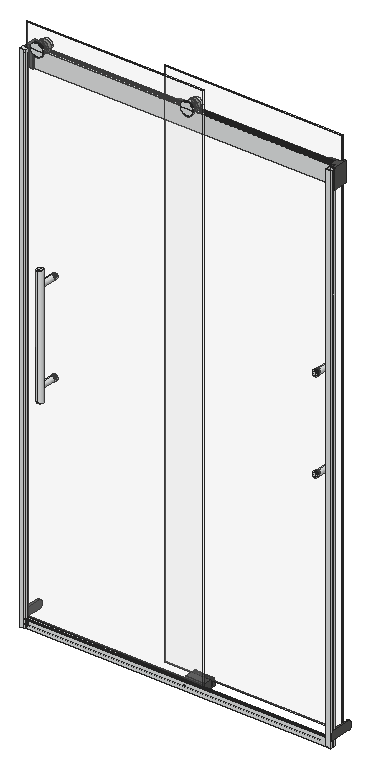
Revit family "Shower-Shower_Door-KOHLER-Levity_Plus-K-702421_1", category Specialty Equipment, host Face, Revit 2022 (continued)
Definition of nested family "K-702421"
  Automatic sketch dimensions
    radius of curve 67 = 0.93903"
    radius of curve 68 = 0.89273"
    radius of curve 91 = 0.3937"
    radius of curve 92 = 0.3937"
    radius of curve 142 = 0.3885"
Types (5): name | Type | Model | Finish
  (no name) | 1 | "K-702421-L-SHP" | Kohler-Metal-SHP-Bright_Polished_Silver
  SHP-Bright Polished Silver | 1 | "K-702421-L-SHP" | Kohler-Metal-SHP-Bright_Polished_Silver
  BNK-Anodized Brushed Nickel | 2 | "K-702421-L-BNK" | Kohler-Metal-BNK-Anodized_Brushed_Nickel
  BL-Matte Black | 3 | "K-702421-L-BL" | Kohler-Metal-BL-Matte_Black
  2MB-Vibrant Brushed Moderne Brass | 4 | "K-702421-L-2MB" | Kohler-Metal-2MB-Vibrant_Brushed_Moderne_Brass
